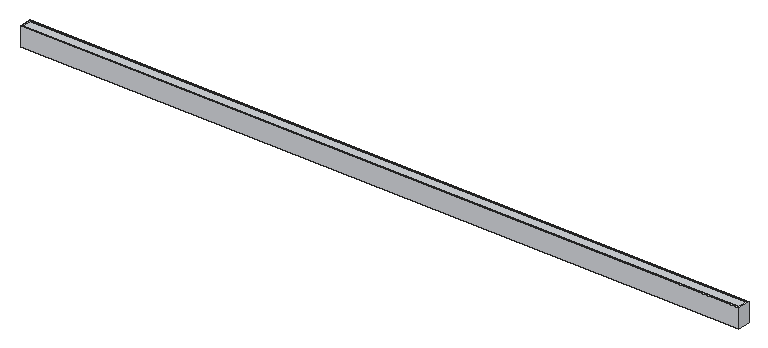
Revit family "Lighting-Strip-Acclaim-Flex Tube SC", category Lighting Fixtures, host Face, Revit 2014
Parameters
  Width = 0' - 0 207/256"
  Wattage = 9.2903 W
  built-in parameter 1150110 = 1 (stored number, unit not read)
  Voltage = 0 V
  URL = "http://www.acclaimlighting.com/"
  built-in parameter 1114217 = 1 (stored number, unit not read)
  Tilt Angle = -90.00°
  built-in parameter 1150109 = 1 (stored number, unit not read)
  built-in parameter 1150134 = 3
  built-in parameter 1150113 = 1 (stored number, unit not read)
  Power Factor = 1
  Photometric Web File = "generic"
  Number of Poles = 1
  built-in parameter 1150142 = (empty or 0)
  Model = "Flex Tube SC"
  Manufacturer = "Acclaim Lighting"
  built-in parameter 1150105 = 109.82 (stored number, unit not read)
  Lumens = 1380 lm
  built-in parameter 1150115 = 1 (stored number, unit not read)
  built-in parameter 1150137 = (empty or 0)
  built-in parameter 1150139 = (empty or 0)
  Length [instance] = 4' - 0"
  built-in parameter 1150112 = 1 (stored number, unit not read)
  built-in parameter 1150114 = 1 (stored number, unit not read)
  Lamp = "LED"
  built-in parameter 1150132 = (empty or 0)
  built-in parameter 1150102 = (empty or 0)
  built-in parameter 1150107 = 3200 (stored number, unit not read)
  built-in parameter 1150138 = (empty or 0)
  built-in parameter 1150106 = 1.0982 (stored number, unit not read)
  Housing Finish = Aluminum
  Emit from Line Length = 4' - 0"
  built-in parameter 1150104 = 13.8 (stored number, unit not read)
  Dimming Lamp Color Temperature Shift = <None>
  Description = "LED Strip"
  Default Elevation = 4' - 0"
  Color Filter = 16777215
  built-in parameter 1114218 = 1 (stored number, unit not read)
  built-in parameter 1150133 = 10 (stored number, unit not read)
  Apparent Load = 0 VA
Reference planes (in)
  plane 1 "Center (Front/Back)": y = 0
  plane 2: z = 0
  plane 3 "Center (Left/Right)": x = 0
  plane 4: x = -24
  plane 5: x = 24
  plane 6: y = 0.4043
  plane 7: z = 6.9048
  plane 8: y = -0.4043
Forms (in)
  Extrusion 1, solid
    sketch origin (0, 0, 0) x (1, 0, 0) y (0, 1, 0)
      loop
        line (-24, 0.4043) -> (-24, -0.4043) -> (24, -0.4043) -> (24, 0.4043) -> (-24, 0.4043)
    from 0 to 1.26192
  Extrusion 2, solid, material "Aluminum" <- "Housing Finish"
    sketch origin (0, 0, 0) x (1, 0, 0) y (0, 1, 0)
      loop
        line (-24, 0.4043) -> (-24, 0.3418) -> (-24, -0.3418) -> (-24, -0.4043) -> (24, -0.4043) -> (24, 0.4043) -> (-24, 0.4043)
      loop
        line (-23.9375, 0.3418) -> (-23.9375, -0.3418) -> (23.9375, -0.3418) -> (23.9375, 0.3418) -> (-23.9375, 0.3418)
    from 0 to 1.26192
Dimensions and locks (in)
  equal spacing: plane 4, plane 3 "Center (Left/Right)", plane 5
  equal spacing: plane 5, plane 3 "Center (Left/Right)", plane 4
  plane 5 to plane 4 = 4' - 0"
  "Length": plane 4 to plane 5
  equal spacing: plane 8, plane 1 "Center (Front/Back)", plane 6
  "Width": plane 8 to plane 6
  aligned and locked: plane 2 to host face
  aligned and locked: level to host face
  aligned and locked: Extrusion 1 sketch curve to plane 5
  aligned and locked: plane 4 to Extrusion 1 sketch curve
  aligned and locked: plane 6 to Extrusion 1 sketch curve
  aligned and locked: plane 8 to Extrusion 1 sketch curve
  aligned and locked: plane 1 "Center (Front/Back)" to imposter light
  aligned and locked: Extrusion 2 to plane 4  (x2)
  aligned and locked: Extrusion 1 to Extrusion 2
Automatic sketch dimensions
  host sketch curve to host sketch curve = 8' - 0"  (x2)
  Extrusion 2 sketch curve to plane 4 = 0' - 0"
  plane 8 to Extrusion 2 sketch curve = 0' - 0 1/16"
  Extrusion 2 sketch curve to plane 5 = 0' - 0"
  Extrusion 2 sketch curve to plane 5 = 0' - 0 1/16"
  plane 6 to Extrusion 2 sketch curve = 0' - 0 1/16"
  Extrusion 2 sketch curve to Extrusion 2 sketch curve = 0' - 0 1/16"
  plane 6 to Extrusion 2 sketch curve = 0' - 0"
  Extrusion 2 sketch curve to Extrusion 2 sketch curve = 0' - 0"  (x2)
  Extrusion 2 sketch curve to plane 8 = 0' - 0"
